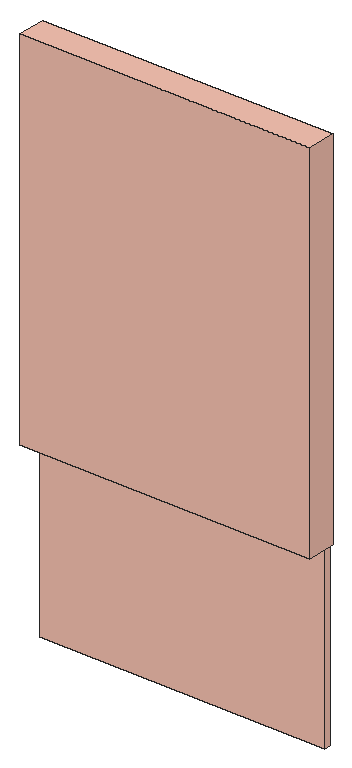
Revit family "EXP_WT-2_CPan-014", category Curtain Panels, Revit 2021
Family settings
  OmniClass Number = 23.25.20.14.11.11.17
  OmniClass Title = Infill Panels
  Always vertical = Yes
  Cut with Voids When Loaded = No
  Shared = No
Parameters (values of type "H2 = 5' 7 7/16"")
  UI-UnitNumber [instance] = "001"
  UI-Quadrant [instance] = "SE"
  UI-ProjectAbbreviation = "NEU"
  UI-ItemCategory = "PID"
  UI-FloorNumber [instance] = "03"
  PNT-WallType = "WT2"
  PNT-ProjectAbbreviation = "NEU"
  PNT-PanelType [instance] = "01"
  PNT-ItemCategory = "PNL"
  GlassSPH2(x2) [instance] = 0' - 2 3/16"
  GlassH2 [instance] = IG-2F(Glass)
  GlassH1 [instance] = IG-2F(Glass)
  Define Thermal Properties by = Schematic Type
  CellSp = 0' - 10 3/16"
  CellL [instance] = 8' - 10"
  CellH2 = 5' - 7 7/16"
  CellH1 [instance] = CellH - CellH2  # 11' - 2 9/16"
  CellH [instance] = 16' - 10"
  Analytic Construction = "<None>"
Types (2): name | CellH2 | CellH1
  H2 = 5' 7 7/16" | 5' - 7 7/16" | 11' - 2 9/16"
  H2 = 12' 8 3/4" | 12' - 8 3/4" | 4' - 1 1/4"
Reference planes (in)
  plane 1 "Center (Front/Back)": y = 0
  plane 2: z = 0
  plane 3 "Center (Left/Right)": x = 0
  plane 4 "Left": x = -53
  plane 5 "Right": x = 53
  plane 6 "Top": z = 202
  plane 7: z = 67.4375
  plane 8: y = -10.1875
Forms (in)
  Extrusion 1, solid, material "IG-2F(Glass)" <- "GlassH2", detail levels coarse+medium
    sketch origin (0, 0, 0) x (0, 1, 0) y (0, 0, 1)
      loop
        line (-10.1875, 67.4375) -> (-10.1875, 0) -> (0, 0) -> (0, 67.4375) -> (-10.1875, 67.4375)
    from -53 to 53
  Extrusion 2, solid, material "IG-2F(Glass)" <- "GlassH1"
    sketch origin (0, 0, 0) x (0, 1, 0) y (0, 0, 1)
      loop
        line (-10.1875, 202) -> (-10.1875, 67.4375) -> (0, 67.4375) -> (0, 202) -> (-10.1875, 202)
    from -53 to 53
Text (in)
  text "Exterior" at (-92.59733, 55.75508, 0), in view "Ref. Level"
  text "Exterior" at (0, 90.18664, 173.49264), in view "Left"
  text "Exterior" at (0, 52.29083, 162.21847), in view "Right"
Dimensions and locks (in)
  equal spacing: plane 4 "Left", plane 3 "Center (Left/Right)", plane 5 "Right"  (x2)
  "CellH2": plane 2 to plane 7
  "CellH1": plane 7 to plane 6 "Top"
  Extrusion 2 sketch curve to Extrusion 2 sketch curve = 0' - 10 3/16"
  "CellL": plane 4 "Left" to plane 5 "Right"
  "CellH": plane 2 to plane 6 "Top"
  "CellSp": plane 8 to plane 1 "Center (Front/Back)"
  aligned and locked: level to plane 2
  aligned and locked: Extrusion 1 sketch curve to plane 7
  aligned and locked: plane 8 to Extrusion 1 sketch curve
  aligned and locked: level to Extrusion 1 sketch curve
  aligned and locked: plane 1 "Center (Front/Back)" to Extrusion 1 sketch curve
  aligned and locked: plane 4 "Left" to Extrusion 1
  aligned and locked: Extrusion 1 to plane 5 "Right"
  aligned and locked: plane 6 "Top" to Extrusion 2 sketch curve
  aligned and locked: plane 8 to Extrusion 2 sketch curve
  aligned and locked: Extrusion 2 to plane 5 "Right"
  aligned and locked: plane 4 "Left" to Extrusion 2
  aligned and locked: Extrusion 2 to plane 1 "Center (Front/Back)"
  aligned and locked: plane 1 "Center (Front/Back)" to nested 1
  aligned and locked: plane 5 "Right" to nested 1
  aligned and locked: plane 4 "Left" to nested 1
  aligned and locked: plane 1 "Center (Front/Back)" to nested 2
  aligned and locked: plane 7 to nested 2
  aligned and locked: plane 2 to nested 2
  aligned and locked: plane 5 "Right" to nested 2
  aligned and locked: plane 4 "Left" to nested 2
Automatic sketch dimensions
  Extrusion 2 sketch curve to plane 7 = 0' - 0"
Nested families (in)
  nested 1: "EXP_xx_DetO-002" at (0, 0, 0), CellH <- "CellH", CellL <- "CellL", type "EXP_xx_DetO-002", detail levels coarse
    with CellL 8' - 10", CellH 16' - 10"
  nested 2: "EXP_WT-1x_IG-001" at (0, 0, 33.71875), MaterialGlass <- "GlassH2", GlassSP <- "GlassSPH2(x2)", type "GlassSP = H2(x2)", detail levels fine
    with MaterialGlass IG-2F(Glass), GlassSP 0' - 2 3/16", GlassL 8' - 8.12598", GlassH 5' - 5.50049", CellL 8' - 10", CellH 5' - 7 7/16"
Definition of nested family "EXP_WT-1x_IG-001"
  Parameters (values of type "H2 _ GlassSP = 1 1/4"")
    MaterialGlass [instance] = none
    GlassSP [instance] = 0' - 1 1/4"
    GlassL [instance] = CellL - (GlassD1 + GlassD3)  # 3' - 10.94439"
    GlassH [instance] = CellH - (GlassD2 + GlassD4)  # 6' - 6.64788"
    GlassD4 = 0' - 1.43701"
    GlassD3 = 0' - 0.93701"
    GlassD2 = 0' - 0 1/2"
    GlassD1 = 0' - 0 15/16"
    GMPI-ProjectAbbreviation = "NEU"
    GMPI-IteamCategory = "GLS"
    Default Elevation = 0' - 0"
    CellL [instance] = 4' - 0.8189"
    CellH [instance] = 6' - 8.58489"
  Types (12): name | GlassSP | GlassL | GlassH | GlassD4 | GlassD2 | GlassD1
    H2(x2) _ GlassSP = 2 1/8" | 0' - 2.12598" | 3' - 10.94488" | 6' - 6.64788" | 0' - 1.43701" | 0' - 0 1/2" | 0' - 0.93701"
    H1 _ GlassSP = 1 1/4" | 0' - 1 1/4" | 3' - 10.94439" | 6' - 6.89739" | 0' - 0 1/4" | 0' - 1 7/16" | 0' - 0 15/16"
    H2(x3) _ GlassSP = 2 1/8" | 0' - 2.12598" | 3' - 10.94488" | 6' - 7.83489" | 0' - 0 1/4" | 0' - 0 1/2" | 0' - 0.93701"
    H3 _ GlassSP = 1 1/4" | 0' - 1 1/4" | 3' - 10.94439" | 6' - 6.64788" | 0' - 1.43701" | 0' - 0 1/2" | 0' - 0 15/16"
    H _ GlassSP = 2 1/8" | 0' - 2.12598" | 3' - 10.94488" | 6' - 5.71088" | 0' - 1.43701" | 0' - 1.43701" | 0' - 0.93701"
    H _ GlassSP = 1 1/4" | 0' - 1 1/4" | 3' - 10.94439" | 6' - 5.71088" | 0' - 1.43701" | 0' - 1.43701" | 0' - 0 15/16"
    H2 _ GlassSP = 1 1/4" | 0' - 1 1/4" | 3' - 10.94439" | 6' - 6.64788" | 0' - 1.43701" | 0' - 0 1/2" | 0' - 0 15/16"
    GlassSP = H | 0' - 1 1/4" | 3' - 10.94439" | 6' - 5.71088" | 0' - 1.43701" | 0' - 1.43701" | 0' - 0 15/16"
    GlassSP = H3 | 0' - 1 1/4" | 3' - 10.94439" | 6' - 6.64788" | 0' - 1.43701" | 0' - 0 1/2" | 0' - 0 15/16"
    GlassSP = H2(x3) | 0' - 2.12598" | 3' - 10.94488" | 6' - 7.83489" | 0' - 0 1/4" | 0' - 0 1/2" | 0' - 0.93701"
    GlassSP = H2(x2) | 0' - 2.12598" | 3' - 10.94488" | 6' - 6.64788" | 0' - 1.43701" | 0' - 0 1/2" | 0' - 0.93701"
    GlassSP = H1 | 0' - 1 1/4" | 3' - 10.94439" | 6' - 6.89739" | 0' - 0 1/4" | 0' - 1 7/16" | 0' - 0 15/16"
  Reference planes (in)
    plane 1 "Center (Front/Back)": y = 0
    plane 2: z = 0
    plane 3 "Center (Left/Right)": x = 0
    plane 4: x = -24.40945
    plane 5: x = 24.40945
    plane 6: z = 40.29245
    plane 7: x = -23.47195
    plane 8: x = 23.47244
    plane 9: z = -40.29245
    plane 10: z = 39.79245
    plane 11: z = -38.85544
  Forms (in)
    Extrusion 1, solid, material <- "MaterialGlass"
      sketch origin (0, 0, 0) x (1, 0, 0) y (0, 0, 1)
        loop
          line (-23.47195, -38.85544) -> (23.47244, -38.85544) -> (23.47244, 39.79245) -> (-23.47195, 39.79245) -> (-23.47195, -38.85544)
      from 0 to 1.25 <- "GlassSP"
  Dimensions and locks (in)
    equal spacing: plane 6, level, plane 9
    "CellH": plane 6 to plane 9
    "GlassD2": plane 6 to plane 10
    "GlassD4": plane 11 to plane 9
    equal spacing: plane 4, plane 3 "Center (Left/Right)", plane 5
    "CellL": plane 4 to plane 5
    "GlassD1": plane 4 to plane 7
    "GlassD3": plane 5 to plane 8
    aligned and locked: level to plane 2
    aligned and locked: Extrusion 1 sketch curve to plane 11
    aligned and locked: Extrusion 1 sketch curve to plane 7
    aligned and locked: plane 10 to Extrusion 1 sketch curve
    aligned and locked: plane 8 to Extrusion 1 sketch curve
Definition of nested family "EXP_xx_DetO-002"
  Parameters (values of type "EXP_xx_DetO-002")
    Default Elevation = 0' - 0"
    CellL [instance] = 5' - 4.56693"
    CellH [instance] = 5' - 2.99213"
  Reference planes (in)
    plane 1 "Center (Front/Back)": y = 0
    plane 2: z = 0
    plane 3 "Center (Left/Right)": x = 0
    plane 4: x = -32.28346
    plane 5: x = 32.28346
    plane 6: z = 62.99213
  Lines and regions (in)
    model lines
      curve 1: line (-32.28346, 0, 62.99213) -> (32.28346, 0, 0)
      curve 2: line (32.28346, 0, 62.99213) -> (-32.28346, 0, 0)
  Dimensions and locks (in)
    "CellH": plane 6 to level
    equal spacing: plane 4, plane 3 "Center (Left/Right)", plane 5
    "CellL": plane 4 to plane 5
    aligned and locked: level to plane 2
  Automatic sketch dimensions
    curve 2 to level = 0' - 0"
    plane 4 to curve 2 = 0' - 0"
    plane 4 to curve 1 = 0' - 0"
    plane 5 to curve 2 = 0' - 0"
    curve 1 to level = 0' - 0"
    plane 5 to curve 1 = 0' - 0"
    curve 2 to plane 6 = 0' - 0"
    curve 1 to plane 6 = 0' - 0"
